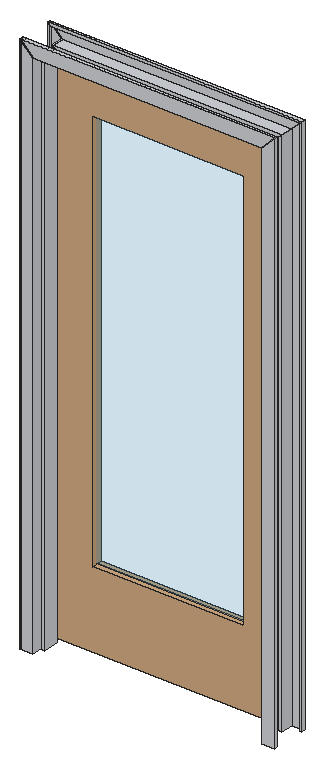
Revit family "Int-FG-WDMF-36 x 84", category Doors, host Wall, Revit 2014
Parameters (values of type "Int-FG-WDMF-36" x 84"")
  Width = Door Panel Width  # 3' - 0"
  Wall Thickness [instance] = 0' - 4 7/8"
  URL = ""
  Type Comments = ""
  Thickness = 0' - 1 3/4"
  Swing Angle [instance] = 90.00°
  SDI RO Spacing = 0' - 0"
  SDI Panel 1 Width = Leaf Width + 0' 0 3/16"  # 3' - 0"
  SDI No Panels = ""
  SDI HW Set [instance] = ""
  SDI HW Item LO-2 [instance] = ""
  SDI HW Item LO-1 [instance] = ""
  SDI HW Item KP-2 [instance] = ""
  SDI HW Item KP-1 [instance] = ""
  SDI HW Item HI-2 [instance] = ""
  SDI HW Item HI-1 [instance] = ""
  SDI HW Item HC-2 [instance] = ""
  SDI HW Item HC-1 [instance] = ""
  SDI HW Item ED-2 [instance] = ""
  SDI HW Item ED-1 [instance] = ""
  SDI HW Item DO-2 [instance] = ""
  SDI HW Item DO-1 [instance] = ""
  SDI HW Item CL-2 [instance] = ""
  SDI HW Item CL-1 [instance] = ""
  SDI Glass Material = Glass
  SDI Frame Type = "3 Piece"
  SDI Frame Material Type = "Hollow Metal"
  SDI Frame Material = Paint - Generic - Prime
  SDI Frame Manufacturer = ""
  SDI Frame Jamb Width = 0' - 2"
  SDI Frame Head Width = 0' - 2"
  SDI Frame Finish Type = "Painted"
  SDI Frame Finish Color = "Prime"
  SDI Frame Depth [instance] = 0' - 5 7/8"
  SDI Family Version = "1.0"
  SDI Door Top Rail Width = 0' - 7 3/4"
  SDI Door Stile Width = 0' - 6"
  SDI Door Panel Type = "FG"
  SDI Door Material Type = "Wood"
  SDI Door Material = Stain - SRO - Red Oak 100 Clear
  SDI Door Manufacturer = ""
  SDI Door Glass Type = "1/4\" Tempered"
  SDI Door Finish Type = "SRO"
  SDI Door Finish Color = "Red Oak 100 Clear"
  SDI Door Configuration = "SG"
  SDI Door Bottom Rail Width = 1' - 0"
  SDI Arch Frame Type [instance] = ""
  SDI Arch Frame Material Type [instance] = "HM"
  SDI Arch Door Panel Type [instance] = "FG"
  SDI Arch Door Material Type [instance] = "WD"
  Rough Width = Frame Width - 0' 1" + 2 * SDI RO Spacing  # 3' - 3"
  Rough Height = Frame Height - 0' 0 1/2" + SDI RO Spacing  # 7' - 1 1/2"
  R1 Height = 7' - 0"
  P1 Width = 3' - 2"
  Model = "Int-FG-WDMF-36\" x 84\""
  Manufacturer = ""
  Leaf Width = P1 Width - 0' 2 3/16"  # 2' - 11 13/16"
  Height = Door Panel Height  # 7' - 0"
  Function = Interior
  Frame Width = P1 Width + 0' 2"  # 3' - 4"
  Frame Offset [instance] = 0' - 0"
  Frame Height = R1 Height + 0' 2"  # 7' - 2"
  Fire Rating = ""
  Exterior Glazing [instance] = no
  Door Panel Width = P1 Width - 0' 2"  # 3' - 0"
  Door Panel Height = R1 Height + 0' 2" - (0' 2")  # 7' - 0"
  Description = "Wood Door with Hollow Metal Frame"
  Cost = 0
  Assembly Code = "C1020320"
  Analytic Construction = "<None>"
  ADA Clearance Lines = no
Reference planes (in)
  plane 1: y = 0
  plane 2 "Center (Left/Right)": x = 0
  plane 3 "Wall Edge": y = 2.4375
  plane 4 "Wall Interior": y = -2.4375
  plane 5 "ModelRefLevel": z = 0
  plane 6 "FrameDepthPlane": y = 0
  plane 7 "FrameFront": y = 2.9375
  plane 8 "FrameBack": y = -2.9375
  plane 9 "V0": x = 19
  plane 10 "V1": x = -19
  plane 11 "H0": z = 1
  plane 12 "H1": z = 85
  plane 13 "DoorLeft": x = 18
  plane 14 "DoorRight": x = -18
  plane 15 "DoorCenter": x = 0
  plane 16 "DoorTop": z = 83.875
  plane 17 "DoorCenterTB": z = 41.9375
  plane 18 "DoorExtFace": y = 2.875
  plane 19 "DoorGlassFace": y = 2.125
  plane 20 "LockCenterLine": z = 41.3125
  plane 21 "DoorExtFace1": y = 2.125
  plane 22 "ActDoorLeft": x = 17.90625
  plane 23 "SwingClrPlane": y = 62.4375
  plane 24 "SwingPartialPlane": y = 50.4375
Forms (in)
  Extrusion 1, solid
    sketch origin (138.6875, 0, 43) x (-1, 0, 0) y (0, -1, 0)
      loop
        line (119.0625, -2.4375) -> (118.6875, -2.4375) -> (118.6875, -2.9375) -> (120.6875, -2.9375) -> (120.6875, -1) -> (121.3125, -1) -> (121.3125, 1.375) -> (120.6875, 1.375) -> (120.6875, 2.9375) -> (118.6875, 2.9375) -> (118.6875, 2.4375) -> (119.0625, 2.4375) -> (119.0625, 2.5) -> (118.75, 2.5) -> (118.75, 2.875) -> (120.625, 2.875) -> (120.625, 1.3125) -> (121.25, 1.3125) -> (121.25, -0.9375) -> (120.625, -0.9375) -> (120.625, -2.875) -> (118.75, -2.875) -> (118.75, -2.5) -> (119.0625, -2.5) -> (119.0625, -2.4375)
    from -43 to 43
  Extrusion 2, void
    sketch origin (0, 2.4375, 0) x (1, 0, 0) y (0, 0, 1)
      loop
        line (20, 86) -> (17.375, 86) -> (17.375, 83.375) -> (20, 86)
    from -12 to 12
  Extrusion 3, solid
    sketch origin (101.3125, 0, 43) x (-1, 0, 0) y (0, -1, 0)
      loop
        line (120.9375, -2.5) -> (121.25, -2.5) -> (121.25, -2.875) -> (119.375, -2.875) -> (119.375, -0.9375) -> (118.75, -0.9375) -> (118.75, 1.3125) -> (119.375, 1.3125) -> (119.375, 2.875) -> (121.25, 2.875) -> (121.25, 2.5) -> (120.9375, 2.5) -> (120.9375, 2.4375) -> (121.3125, 2.4375) -> (121.3125, 2.9375) -> (119.3125, 2.9375) -> (119.3125, 1.375) -> (118.6875, 1.375) -> (118.6875, -1) -> (119.3125, -1) -> (119.3125, -2.9375) -> (121.3125, -2.9375) -> (121.3125, -2.4375) -> (120.9375, -2.4375) -> (120.9375, -2.5)
    from -43 to 43
  Extrusion 4, void
    sketch origin (0, 2.4375, 0) x (1, 0, 0) y (0, 0, 1)
      loop
        line (-20, 86) -> (-17.375, 83.375) -> (-17.375, 86) -> (-20, 86)
    from -12 to 12
  Extrusion 5, solid
    sketch origin (0, 0, 84.6875) x (0, 1, 0) y (0, 0, 1)
      loop
        line (2.5, 0.9375) -> (2.5, 1.25) -> (2.875, 1.25) -> (2.875, -0.625) -> (0.9375, -0.625) -> (0.9375, -1.25) -> (-1.3125, -1.25) -> (-1.3125, -0.625) -> (-2.875, -0.625) -> (-2.875, 1.25) -> (-2.5, 1.25) -> (-2.5, 0.9375) -> (-2.4375, 0.9375) -> (-2.4375, 1.3125) -> (-2.9375, 1.3125) -> (-2.9375, -0.6875) -> (-1.375, -0.6875) -> (-1.375, -1.3125) -> (1, -1.3125) -> (1, -0.6875) -> (2.9375, -0.6875) -> (2.9375, 1.3125) -> (2.4375, 1.3125) -> (2.4375, 0.9375) -> (2.5, 0.9375)
    from -20 to 20
  Extrusion 6, void
    sketch origin (0, 2.4375, 0) x (1, 0, 0) y (0, 0, 1)
      loop
        line (-20, 86) -> (-20, 83.375) -> (-17.375, 83.375) -> (-20, 86)
    from -12 to 12
  Extrusion 7, void
    sketch origin (0, 2.4375, 0) x (1, 0, 0) y (0, 0, 1)
      loop
        line (20, 86) -> (17.375, 83.375) -> (20, 83.375) -> (20, 86)
    from -12 to 12
  Extrusion 8, solid, material "Stain - SRO - Red Oak 100 Clear" <- "SDI Door Material"
    sketch origin (-72, 2.875, -24) x (1, 0, 0) y (0, 0, 1)
      loop
        line (89.90625, 24.625) -> (89.90625, 107.875) -> (54.09375, 107.875) -> (54.09375, 24.625) -> (89.90625, 24.625)
      loop
        line (83.90625, 36.625) -> (83.90625, 100.125) -> (60.09375, 100.125) -> (60.09375, 36.625) -> (83.90625, 36.625)
    from 0 to 1.75
  Extrusion 9, solid, material "Glass" <- "SDI Glass Material"
    sketch origin (-72, 2.125, -24) x (1, 0, 0) y (0, 0, 1)
      loop
        line (60.09375, 36.625) -> (83.90625, 36.625) -> (83.90625, 100.125) -> (60.09375, 100.125) -> (60.09375, 36.625)
    from 0 to 0.25
Cuts and joins
  Extrusion 2 cuts Extrusion 1
  Extrusion 4 cuts Extrusion 3
  Extrusion 6, Extrusion 7 cuts Extrusion 5
Lines and regions (in)
  Opening 1
    outline origin (-60, -2.4375, 0) x (1, 0, 0) y (0, 0, 1)
      loop
        line (79.5, 0) -> (79.5, 85.5) -> (40.5, 85.5) -> (40.5, 0) -> (79.5, 0)
  symbolic lines, style "DoorsFrameMullionProjection", detail levels fine
    curve 1: line (19.625, 2.4375, 0) -> (20, 2.4375, 0)
    curve 2: line (20, 2.4375, 0) -> (20, 2.9375, 0)
    curve 3: line (20, 2.9375, 0) -> (18, 2.9375, 0)
    curve 4: line (18, 2.9375, 0) -> (18, 1, 0)
    curve 5: line (18, 1, 0) -> (17.375, 1, 0)
    curve 6: line (17.375, 1, 0) -> (17.375, -1.375, 0)
    curve 7: line (17.375, -1.375, 0) -> (18, -1.375, 0)
    curve 8: line (18, -1.375, 0) -> (18, -2.9375, 0)
    curve 9: line (18, -2.9375, 0) -> (20, -2.9375, 0)
    curve 10: line (20, -2.9375, 0) -> (20, -2.4375, 0)
    curve 11: line (20, -2.4375, 0) -> (19.625, -2.4375, 0)
    curve 12: line (19.625, -2.4375, 0) -> (19.625, -2.5, 0)
    curve 13: line (19.625, -2.5, 0) -> (19.9375, -2.5, 0)
    curve 14: line (19.9375, -2.5, 0) -> (19.9375, -2.875, 0)
    curve 15: line (19.9375, -2.875, 0) -> (18.0625, -2.875, 0)
    curve 16: line (18.0625, -2.875, 0) -> (18.0625, -1.3125, 0)
    curve 17: line (18.0625, -1.3125, 0) -> (17.4375, -1.3125, 0)
    curve 18: line (17.4375, -1.3125, 0) -> (17.4375, 0.9375, 0)
    curve 19: line (17.4375, 0.9375, 0) -> (18.0625, 0.9375, 0)
    curve 20: line (18.0625, 0.9375, 0) -> (18.0625, 2.875, 0)
    curve 21: line (18.0625, 2.875, 0) -> (19.9375, 2.875, 0)
    curve 22: line (19.9375, 2.875, 0) -> (19.9375, 2.5, 0)
    curve 23: line (19.9375, 2.5, 0) -> (19.625, 2.5, 0)
    curve 24: line (19.625, 2.5, 0) -> (19.625, 2.4375, 0)
    curve 37: line (-19.625, 2.5, 0) -> (-19.9375, 2.5, 0)
    curve 38: line (-19.9375, 2.5, 0) -> (-19.9375, 2.875, 0)
    curve 39: line (-19.9375, 2.875, 0) -> (-18.0625, 2.875, 0)
    curve 40: line (-18.0625, 2.875, 0) -> (-18.0625, 0.9375, 0)
    curve 41: line (-18.0625, 0.9375, 0) -> (-17.4375, 0.9375, 0)
    curve 42: line (-17.4375, 0.9375, 0) -> (-17.4375, -1.3125, 0)
    curve 43: line (-17.4375, -1.3125, 0) -> (-18.0625, -1.3125, 0)
    curve 44: line (-18.0625, -1.3125, 0) -> (-18.0625, -2.875, 0)
    curve 45: line (-18.0625, -2.875, 0) -> (-19.9375, -2.875, 0)
    curve 46: line (-19.9375, -2.875, 0) -> (-19.9375, -2.5, 0)
    curve 47: line (-19.9375, -2.5, 0) -> (-19.625, -2.5, 0)
    curve 48: line (-19.625, -2.5, 0) -> (-19.625, -2.4375, 0)
    curve 49: line (-19.625, -2.4375, 0) -> (-20, -2.4375, 0)
    curve 50: line (-20, -2.4375, 0) -> (-20, -2.9375, 0)
    curve 51: line (-20, -2.9375, 0) -> (-18, -2.9375, 0)
    curve 52: line (-18, -2.9375, 0) -> (-18, -1.375, 0)
    curve 53: line (-18, -1.375, 0) -> (-17.375, -1.375, 0)
    curve 54: line (-17.375, -1.375, 0) -> (-17.375, 1, 0)
    curve 55: line (-17.375, 1, 0) -> (-18, 1, 0)
    curve 56: line (-18, 1, 0) -> (-18, 2.9375, 0)
    curve 57: line (-18, 2.9375, 0) -> (-20, 2.9375, 0)
    curve 58: line (-20, 2.9375, 0) -> (-20, 2.4375, 0)
    curve 59: line (-20, 2.4375, 0) -> (-19.625, 2.4375, 0)
    curve 60: line (-19.625, 2.4375, 0) -> (-19.625, 2.5, 0)
  symbolic lines, style "DoorsFrameMullionProjection", detail levels coarse
    curve 25: line (18, -2.9375, 0) -> (19.5, -2.9375, 0)
    curve 26: line (18, 2.9375, 0) -> (19.5, 2.9375, 0)
    curve 27: line (18, -2.9375, 0) -> (18, 2.9375, 0)
    curve 28: line (19.5, -2.9375, 0) -> (19.5, 2.9375, 0)
    curve 61: line (-19.5, -2.9375, 0) -> (-18, -2.9375, 0)
    curve 62: line (-19.5, 2.9375, 0) -> (-18, 2.9375, 0)
    curve 63: line (-19.5, -2.9375, 0) -> (-19.5, 2.9375, 0)
    curve 64: line (-18, -2.9375, 0) -> (-18, 2.9375, 0)
  symbolic lines, style "DoorsFrameMullionProjection", detail levels medium
    curve 29: line (18, -2.9375, 0) -> (20, -2.9375, 0)
    curve 30: line (20, -2.9375, 0) -> (20, -2.4375, 0)
    curve 31: line (19.5, -2.4375, 0) -> (20, -2.4375, 0)
    curve 32: line (19.5, -2.4375, 0) -> (19.5, 2.4375, 0)
    curve 33: line (19.5, 2.4375, 0) -> (20, 2.4375, 0)
    curve 34: line (20, 2.9375, 0) -> (20, 2.4375, 0)
    curve 35: line (18, 2.9375, 0) -> (20, 2.9375, 0)
    curve 36: line (18, -2.9375, 0) -> (18, 2.9375, 0)
    curve 65: line (-20, -2.9375, 0) -> (-18, -2.9375, 0)
    curve 66: line (-20, -2.9375, 0) -> (-20, -2.4375, 0)
    curve 67: line (-20, -2.4375, 0) -> (-19.5, -2.4375, 0)
    curve 68: line (-19.5, -2.4375, 0) -> (-19.5, 2.4375, 0)
    curve 69: line (-20, 2.4375, 0) -> (-19.5, 2.4375, 0)
    curve 70: line (-20, 2.9375, 0) -> (-20, 2.4375, 0)
    curve 71: line (-20, 2.9375, 0) -> (-18, 2.9375, 0)
    curve 72: line (-18, -2.9375, 0) -> (-18, 2.9375, 0)
  symbolic lines, style "Elevation Swing"
    curve 73: line (-17.90625, 2.4375, 83.875) -> (17.90625, 2.4375, 41.9375)
    curve 74: line (-17.90625, 2.4375, 0) -> (17.90625, 2.4375, 41.9375)
  symbolic lines, style "ADA Clearance", visible <- "ADA Clearance Lines"
    curve 75: line (20, 2.4375, 0) -> (20, 62.4375, 0)
    curve 76: line (-36, 62.4375, 0) -> (20, 62.4375, 0)
    curve 77: line (-36, 50.4375, 0) -> (20, 50.4375, 0)
    curve 78: line (-36, 2.4375, 0) -> (-36, 62.4375, 0)
    curve 79: line (20, -2.4375, 0) -> (20, -50.4375, 0)
    curve 80: line (-30, -50.4375, 0) -> (20, -50.4375, 0)
    curve 81: line (-30, -2.4375, 0) -> (-30, -50.4375, 0)
Text (in)
  text "Placement Side" at (0, 40.15149, 123.01588), in view "Right"
  text "Placement Side" at (-70.3804, 28.46503, 0), in view "Ref. Level"
  text "Placement Side" at (0, 81.62555, 140.59947), in view "Left"
Dimensions and locks (in)
  locked: plane 3 "Wall Edge" to host wall
  equal spacing: host wall, plane 2 "Center (Left/Right)", host wall
  "Rough Width": host wall to host wall
  "Rough Height": level to host wall
  equal spacing: plane 3 "Wall Edge", plane 1, plane 4 "Wall Interior"
  "Wall Thickness": host wall to host wall
  locked: plane 3 "Wall Edge" to plane 7 "FrameFront" at 0.5
  locked: plane 4 "Wall Interior" to plane 8 "FrameBack" at 0.5
  "SDI Frame Depth": plane 7 "FrameFront" to plane 8 "FrameBack"
  equal spacing: plane 9 "V0", plane 2 "Center (Left/Right)", plane 10 "V1"
  "P1 Width": plane 9 "V0" to plane 10 "V1"
  "R1 Height": plane 11 "H0" to plane 12 "H1"
  locked: plane 12 "H1" to Extrusion 1 at 1
  locked: plane 11 "H0" to Extrusion 1 at 1
  locked: plane 9 "V0" to Extrusion 1 at 0.9375  (x4)
  locked: plane 9 "V0" to Extrusion 1 at 1.5625
  locked: plane 9 "V0" to Extrusion 1 at 1  (x4)
  locked: plane 9 "V0" to Extrusion 1 at 0.625  (x3)
  locked: plane 9 "V0" to Extrusion 1 at 1.625
  locked: plane 12 "H1" to Extrusion 3 at 1
  locked: plane 11 "H0" to Extrusion 3 at 1
  locked: plane 10 "V1" to Extrusion 3 at 0.625  (x2)
  locked: plane 10 "V1" to Extrusion 3 at 1  (x5)
  locked: plane 10 "V1" to Extrusion 3 at 1.625
  locked: plane 10 "V1" to Extrusion 3 at 0.9375  (x4)
  locked: plane 10 "V1" to Extrusion 3 at 1.5625
  locked: plane 9 "V0" to Extrusion 5 at 1
  locked: plane 10 "V1" to Extrusion 5 at 1
  locked: plane 12 "H1" to Extrusion 5 at 0.9375  (x5)
  locked: plane 12 "H1" to Extrusion 5 at 1.5625
  locked: plane 12 "H1" to Extrusion 5 at 1  (x4)
  locked: plane 12 "H1" to Extrusion 5 at 0.625  (x2)
  locked: plane 12 "H1" to Extrusion 5 at 1.625
  locked: plane 7 "FrameFront" to cut or joined group of Extrusion 1, Extrusion 2 at 1.9375
  locked: plane 7 "FrameFront" to cut or joined group of Extrusion 1, Extrusion 2 at 2
  locked: plane 7 "FrameFront" to cut or joined group of Extrusion 1, Extrusion 2 at 0.0625
  locked: plane 7 "FrameFront" to cut or joined group of Extrusion 1, Extrusion 2 at 0.4375
  locked: plane 7 "FrameFront" to cut or joined group of Extrusion 1, Extrusion 2 at 0.5
  locked: plane 8 "FrameBack" to cut or joined group of Extrusion 1, Extrusion 2 at 1.5625
  locked: plane 8 "FrameBack" to cut or joined group of Extrusion 1, Extrusion 2 at 0.5
  locked: plane 8 "FrameBack" to cut or joined group of Extrusion 1, Extrusion 2 at 0.4375
  locked: plane 8 "FrameBack" to cut or joined group of Extrusion 1, Extrusion 2 at 0.0625
  locked: plane 8 "FrameBack" to cut or joined group of Extrusion 1, Extrusion 2 at 1.625
  locked: plane 7 "FrameFront" to cut or joined group of Extrusion 3, Extrusion 4 at 0.0625
  locked: plane 7 "FrameFront" to cut or joined group of Extrusion 3, Extrusion 4 at 2
  locked: plane 7 "FrameFront" to cut or joined group of Extrusion 3, Extrusion 4 at 1.9375
  locked: plane 7 "FrameFront" to cut or joined group of Extrusion 3, Extrusion 4 at 0.5
  locked: plane 7 "FrameFront" to cut or joined group of Extrusion 3, Extrusion 4 at 0.4375
  locked: plane 8 "FrameBack" to cut or joined group of Extrusion 3, Extrusion 4 at 1.625
  locked: plane 8 "FrameBack" to cut or joined group of Extrusion 3, Extrusion 4 at 0.0625
  locked: plane 8 "FrameBack" to cut or joined group of Extrusion 3, Extrusion 4 at 0.4375
  locked: plane 8 "FrameBack" to cut or joined group of Extrusion 3, Extrusion 4 at 0.5
  locked: plane 8 "FrameBack" to cut or joined group of Extrusion 3, Extrusion 4 at 1.5625
  locked: plane 7 "FrameFront" to cut or joined group of Extrusion 5, Extrusion 6, Extrusion 7 at 0.0625
  locked: plane 7 "FrameFront" to cut or joined group of Extrusion 5, Extrusion 6, Extrusion 7 at 2
  locked: plane 7 "FrameFront" to cut or joined group of Extrusion 5, Extrusion 6, Extrusion 7 at 1.9375
  locked: plane 7 "FrameFront" to cut or joined group of Extrusion 5, Extrusion 6, Extrusion 7 at 0.5
  locked: plane 7 "FrameFront" to cut or joined group of Extrusion 5, Extrusion 6, Extrusion 7 at 0.4375
  locked: plane 8 "FrameBack" to cut or joined group of Extrusion 5, Extrusion 6, Extrusion 7 at 1.625
  locked: plane 8 "FrameBack" to cut or joined group of Extrusion 5, Extrusion 6, Extrusion 7 at 0.0625
  locked: plane 8 "FrameBack" to cut or joined group of Extrusion 5, Extrusion 6, Extrusion 7 at 0.4375
  locked: plane 8 "FrameBack" to cut or joined group of Extrusion 5, Extrusion 6, Extrusion 7 at 0.5
  locked: plane 8 "FrameBack" to cut or joined group of Extrusion 5, Extrusion 6, Extrusion 7 at 1.5625
  locked: plane 7 "FrameFront" to curve 1 at 0.5
  locked: plane 7 "FrameFront" to curve 5 at 1.9375
  locked: plane 7 "FrameFront" to curve 19 at 2
  locked: plane 7 "FrameFront" to curve 21 at 0.0625
  locked: plane 7 "FrameFront" to curve 23 at 0.4375
  locked: plane 7 "FrameFront" to curve 33 at 0.5
  locked: plane 7 "FrameFront" to curve 37 at 0.4375
  locked: plane 7 "FrameFront" to curve 39 at 0.0625
  locked: plane 7 "FrameFront" to curve 41 at 2
  locked: plane 7 "FrameFront" to curve 55 at 1.9375
  locked: plane 7 "FrameFront" to curve 59 at 0.5
  locked: plane 7 "FrameFront" to curve 69 at 0.5
  locked: plane 8 "FrameBack" to curve 7 at 1.5625
  locked: plane 8 "FrameBack" to curve 11 at 0.5
  locked: plane 8 "FrameBack" to curve 13 at 0.4375
  locked: plane 8 "FrameBack" to curve 15 at 0.0625
  locked: plane 8 "FrameBack" to curve 17 at 1.625
  locked: plane 8 "FrameBack" to curve 31 at 0.5
  locked: plane 8 "FrameBack" to curve 43 at 1.625
  locked: plane 8 "FrameBack" to curve 45 at 0.0625
  locked: plane 8 "FrameBack" to curve 47 at 0.4375
  locked: plane 8 "FrameBack" to curve 49 at 0.5
  locked: plane 8 "FrameBack" to curve 53 at 1.5625
  locked: plane 8 "FrameBack" to curve 67 at 0.5
  locked: plane 9 "V0" to plane 13 "DoorLeft" at 1
  locked: plane 10 "V1" to plane 14 "DoorRight" at 1
  locked: plane 12 "H1" to plane 16 "DoorTop" at 1.125
  equal spacing: plane 16 "DoorTop", plane 17 "DoorCenterTB", plane 5 "ModelRefLevel"
  locked: plane 3 "Wall Edge" to plane 18 "DoorExtFace" at 0.4375
  locked: plane 3 "Wall Edge" to plane 19 "DoorGlassFace" at 0.3125
  locked: plane 20 "LockCenterLine" to plane 5 "ModelRefLevel" at 41.3125
  locked: Extrusion 8 to Extrusion 8 at 1.75
  locked: plane 7 "FrameFront" to plane 21 "DoorExtFace1" at 0.8125
  locked: Extrusion 9 to Extrusion 9 at 0.25
  locked: plane 13 "DoorLeft" to Extrusion 8 at 0.09375
  locked: plane 14 "DoorRight" to Extrusion 8 at 6.09375
  locked: plane 14 "DoorRight" to Extrusion 8 at 0.09375
  locked: plane 13 "DoorLeft" to Extrusion 8 at 6.09375
  locked: plane 16 "DoorTop" to Extrusion 8 at 0
  locked: plane 5 "ModelRefLevel" to Extrusion 8 at 12.625
  locked: plane 5 "ModelRefLevel" to Extrusion 8 at 0.625
  locked: plane 16 "DoorTop" to Extrusion 8 at 7.75
  locked: plane 13 "DoorLeft" to Extrusion 9 at 6.09375
  locked: plane 14 "DoorRight" to Extrusion 9 at 6.09375
  locked: plane 16 "DoorTop" to Extrusion 9 at 7.75
  locked: plane 5 "ModelRefLevel" to Extrusion 9 at 12.625
  locked: plane 13 "DoorLeft" to plane 22 "ActDoorLeft" at 0.09375
  locked: plane 3 "Wall Edge" to plane 23 "SwingClrPlane" at 60
  locked: plane 3 "Wall Edge" to plane 24 "SwingPartialPlane" at 48
  aligned and locked: plane 4 "Wall Interior" to host wall
  aligned and locked: cut or joined group of Extrusion 1, Extrusion 2 to plane 7 "FrameFront"
  aligned and locked: plane 8 "FrameBack" to cut or joined group of Extrusion 1, Extrusion 2
  aligned and locked: cut or joined group of Extrusion 3, Extrusion 4 to plane 7 "FrameFront"
  aligned and locked: plane 8 "FrameBack" to cut or joined group of Extrusion 3, Extrusion 4
  aligned and locked: cut or joined group of Extrusion 5, Extrusion 6, Extrusion 7 to plane 7 "FrameFront"
  aligned and locked: plane 8 "FrameBack" to cut or joined group of Extrusion 5, Extrusion 6, Extrusion 7
  aligned and locked: curve 3 to plane 7 "FrameFront"
  aligned and locked: plane 7 "FrameFront" to curve 26
  aligned and locked: curve 57 to plane 7 "FrameFront"
  aligned and locked: plane 7 "FrameFront" to curve 62
  aligned and locked: plane 7 "FrameFront" to curve 71
  aligned and locked: plane 8 "FrameBack" to curve 9
  aligned and locked: plane 8 "FrameBack" to curve 61
  aligned and locked: plane 8 "FrameBack" to curve 65
  aligned and locked: Extrusion 8 to plane 18 "DoorExtFace"
  aligned and locked: Extrusion 9 to plane 21 "DoorExtFace1"
  aligned and locked: plane 7 "FrameFront" to nested 1
  aligned and locked: plane 22 "ActDoorLeft" to nested 1
  aligned and locked: plane 23 "SwingClrPlane" to curve 76
  aligned and locked: plane 24 "SwingPartialPlane" to curve 77
Automatic sketch dimensions
  Opening 1 sketch curve to level = 0' - 0"
  Opening 1 sketch curve to plane 2 "Center (Left/Right)" = 1' - 7 1/2"
  plane 2 "Center (Left/Right)" to Opening 1 sketch curve = 1' - 7 1/2"
  level to Opening 1 sketch curve = 7' - 1 1/2"
  Extrusion 2 sketch curve to plane 9 "V0" = 0' - 1 5/8"
  plane 9 "V0" to Extrusion 2 sketch curve = 0' - 1"
  plane 12 "H1" to Extrusion 2 sketch curve = 0' - 1 5/8"
  Extrusion 2 sketch curve to plane 12 "H1" = 0' - 1"
  host wall to Extrusion 1 sketch curve = 0' - 0"
  Extrusion 1 sketch curve to host wall = 0' - 0"
  plane 7 "FrameFront" to Extrusion 1 sketch curve = 0' - 0"
  plane 8 "FrameBack" to Extrusion 1 sketch curve = 0' - 0"
  plane 2 "Center (Left/Right)" to Extrusion 1 sketch curve = 1' - 8"  (x2)
  Extrusion 1 sketch curve to Extrusion 1 sketch curve = 0' - 0 1/16"  (x7)
  host wall to Extrusion 1 sketch curve = 0' - 0 1/16"  (x2)
  Extrusion 1 sketch curve to Extrusion 1 sketch curve = 0' - 0 5/16"  (x2)
  plane 2 "Center (Left/Right)" to Extrusion 1 sketch curve = 1' - 6 1/16"  (x2)
  Extrusion 1 sketch curve to Extrusion 1 sketch curve = 0' - 0 9/16"
  plane 7 "FrameFront" to Extrusion 1 sketch curve = 0' - 0 1/16"
  Extrusion 1 sketch curve to host wall = 0' - 1"
  Extrusion 1 sketch curve to host wall = 0' - 1 1/8"
  Extrusion 1 sketch curve to plane 8 "FrameBack" = 0' - 0 1/16"
  plane 9 "V0" to curve 1 = 0' - 1"
  curve 1 to curve 1 = 0' - 0 3/8"
  curve 3 to plane 9 "V0" = 0' - 1"
  curve 4 to curve 5 = 0' - 0 5/8"
  curve 10 to curve 11 = 0' - 0 3/8"
  curve 10 to curve 13 = 0' - 0 1/16"
  curve 15 to curve 8 = 0' - 0 1/16"
  curve 17 to curve 6 = 0' - 0 1/16"
  curve 19 to curve 4 = 0' - 0 1/16"
  curve 2 to curve 21 = 0' - 0 1/16"
  curve 21 to curve 26 = 0' - 0 7/16"
  curve 11 to curve 31 = 0' - 0 1/8"
  curve 1 to curve 32 = 0' - 0 1/8"
  Extrusion 4 sketch curve to plane 10 "V1" = 0' - 1"
  plane 10 "V1" to Extrusion 4 sketch curve = 0' - 1 5/8"
  plane 12 "H1" to Extrusion 4 sketch curve = 0' - 1 5/8"
  Extrusion 4 sketch curve to plane 12 "H1" = 0' - 1"
  plane 8 "FrameBack" to Extrusion 3 sketch curve = 0' - 0"
  plane 7 "FrameFront" to Extrusion 3 sketch curve = 0' - 0"
  host wall to Extrusion 3 sketch curve = 0' - 0"
  Extrusion 3 sketch curve to host wall = 0' - 0"
  Extrusion 3 sketch curve to plane 2 "Center (Left/Right)" = 1' - 5 3/8"
  Extrusion 3 sketch curve to Extrusion 3 sketch curve = 0' - 0 1/16"  (x7)
  Extrusion 3 sketch curve to plane 2 "Center (Left/Right)" = 1' - 6"  (x2)
  Extrusion 3 sketch curve to plane 2 "Center (Left/Right)" = 1' - 7 5/8"  (x2)
  host wall to Extrusion 3 sketch curve = 0' - 0 1/16"  (x2)
  Extrusion 3 sketch curve to Extrusion 3 sketch curve = 0' - 0 5/16"  (x2)
  plane 7 "FrameFront" to Extrusion 3 sketch curve = 0' - 0 1/16"
  Extrusion 3 sketch curve to host wall = 0' - 1"
  Extrusion 3 sketch curve to host wall = 0' - 1 1/8"
  Extrusion 3 sketch curve to plane 8 "FrameBack" = 0' - 0 1/16"
  curve 37 to plane 10 "V1" = 0' - 0 5/8"
  curve 37 to curve 37 = 0' - 0 5/16"
  plane 10 "V1" to curve 39 = 0' - 0 15/16"
  curve 42 to curve 43 = 0' - 0 5/8"
  curve 47 to curve 46 = 0' - 0 5/16"
  curve 46 to curve 49 = 0' - 0 1/16"
  curve 51 to curve 44 = 0' - 0 1/16"
  curve 53 to curve 42 = 0' - 0 1/16"
  curve 55 to curve 40 = 0' - 0 1/16"
  curve 38 to curve 57 = 0' - 0 1/16"
  curve 62 to curve 38 = 0' - 0 7/16"
  curve 67 to curve 48 = 0' - 0 1/8"
  curve 68 to curve 59 = 0' - 0 1/8"
  Extrusion 6 sketch curve to plane 10 "V1" = 0' - 1"
  plane 10 "V1" to Extrusion 6 sketch curve = 0' - 1 5/8"
  plane 12 "H1" to Extrusion 6 sketch curve = 0' - 1 5/8"
  Extrusion 6 sketch curve to plane 12 "H1" = 0' - 1"
  Extrusion 7 sketch curve to plane 9 "V0" = 0' - 1 5/8"
  plane 9 "V0" to Extrusion 7 sketch curve = 0' - 1"
  plane 12 "H1" to Extrusion 7 sketch curve = 0' - 1 5/8"
  Extrusion 7 sketch curve to plane 12 "H1" = 0' - 1"
  Extrusion 5 sketch curve to plane 8 "FrameBack" = 0' - 0"
  Extrusion 5 sketch curve to host wall = 0' - 0"  (x2)
  Extrusion 5 sketch curve to plane 7 "FrameFront" = 0' - 0"
  Extrusion 5 sketch curve to plane 8 "FrameBack" = 0' - 0 1/16"
  host wall to Extrusion 5 sketch curve = 0' - 0 1/16"  (x2)
  Extrusion 5 sketch curve to host wall = 0' - 1 1/16"
  Extrusion 5 sketch curve to Extrusion 5 sketch curve = 0' - 0 1/16"  (x7)
  Extrusion 5 sketch curve to host wall = 0' - 0 15/16"
  plane 7 "FrameFront" to Extrusion 5 sketch curve = 0' - 0 1/16"
  level to Extrusion 5 sketch curve = 6' - 11 3/8"
  level to Extrusion 5 sketch curve = 7' - 0"  (x2)
  Extrusion 5 sketch curve to plane 11 "H0" = 7' - 0 5/8"  (x2)
  Extrusion 5 sketch curve to plane 11 "H0" = 7' - 0 15/16"  (x2)
  Extrusion 8 sketch curve to plane 16 "DoorTop" = 0' - 0"
  plane 14 "DoorRight" to Extrusion 8 sketch curve = 0' - 0 3/32"
  plane 14 "DoorRight" to Extrusion 8 sketch curve = 0' - 6 3/32"
  Extrusion 8 sketch curve to plane 13 "DoorLeft" = 0' - 6 3/32"
  Extrusion 8 sketch curve to plane 13 "DoorLeft" = 0' - 0 3/32"
  plane 16 "DoorTop" to Extrusion 8 sketch curve = 0' - 7 3/4"
  Extrusion 8 sketch curve to plane 11 "H0" = 0' - 11 5/8"
  plane 11 "H0" to Extrusion 8 sketch curve = 0' - 0 3/8"
  plane 14 "DoorRight" to Extrusion 9 sketch curve = 0' - 6 3/32"
  Extrusion 9 sketch curve to plane 13 "DoorLeft" = 0' - 6 3/32"
  Extrusion 9 sketch curve to plane 11 "H0" = 0' - 11 5/8"
  plane 16 "DoorTop" to Extrusion 9 sketch curve = 0' - 7 3/4"
  curve 73 to plane 16 "DoorTop" = 0' - 0"
  curve 73 to plane 17 "DoorCenterTB" = 0' - 0"
  plane 14 "DoorRight" to curve 73 = 0' - 0 3/32"
  curve 74 to level = 0' - 0"
  curve 74 to plane 22 "ActDoorLeft" = 0' - 0"
  plane 14 "DoorRight" to curve 74 = 0' - 0 3/32"
  curve 75 to host wall = 0' - 0"
  plane 9 "V0" to curve 75 = 0' - 1"
  curve 78 to host wall = 0' - 0"
  host wall to curve 79 = 0' - 0"
  plane 9 "V0" to curve 79 = 0' - 1"
  plane 8 "FrameBack" to curve 79 = 3' - 11 1/2"
  curve 80 to plane 10 "V1" = 0' - 11"
  host wall to curve 81 = 0' - 0"
  curve 81 to curve 78 = 0' - 6"
Nested families (in)
  nested 1: "SingleDoorPlanLines" at (17.90625, 2.9375, 0.625), type "SingleDoorPlanLines"
Definition of nested family "SingleDoorPlanLines"
  Parameters (values of type "SingleDoorPlanLines")
    Width = 3' - 0"
    URL = ""
    Thickness = 0' - 1 3/4"
    Analytic Construction = "<None>"
    Swing Angle = 90.00°
  Reference planes (in)
    plane 1 "Front": y = 0
    plane 2: z = 0
    plane 3 "Right": x = 0
    plane 4 "Left": x = -36
  Lines and regions (in)
    symbolic lines, style "DoorsPanelProjection"
      curve 1: line (0, 0, 0) -> (0, 36, 0)
      curve 2: line (0, 36, 0) -> (-1.75, 36, 0)
      curve 3: line (-1.75, 36, 0) -> (-1.75, 0, 0)
      curve 4: line (-1.75, 0, 0) -> (0, 0, 0)
    model lines, style "InvisibleLines", not visible
      curve 5: line (0, 0, 0) -> (-38.99851, -0.34033, 0)
    symbolic lines, style "Plan Swing"
      curve 6: arc (-35.99863, -0.31416, 0) -> (-25.56667, 25.34453, 0) -> (0, 36, 0) r 36
  Dimensions and locks (in)
    "Thickness": curve 3 to curve 1
    "Width": curve 2 to curve 4
    "Width": plane 4 "Left" to plane 3 "Right"
    "Swing Angle": angle curve 1 to plane 1 "Front"
    locked: plane 1 "Front" to curve 5 (angle 0.50°)
  Automatic sketch dimensions
    curve 6 to plane 1 "Front" = 0' - 0"
    curve 6 to plane 3 "Right" = 0' - 0"
    curve 4 to plane 1 "Front" = 0' - 0"
    curve 4 to plane 3 "Right" = 0' - 0"
